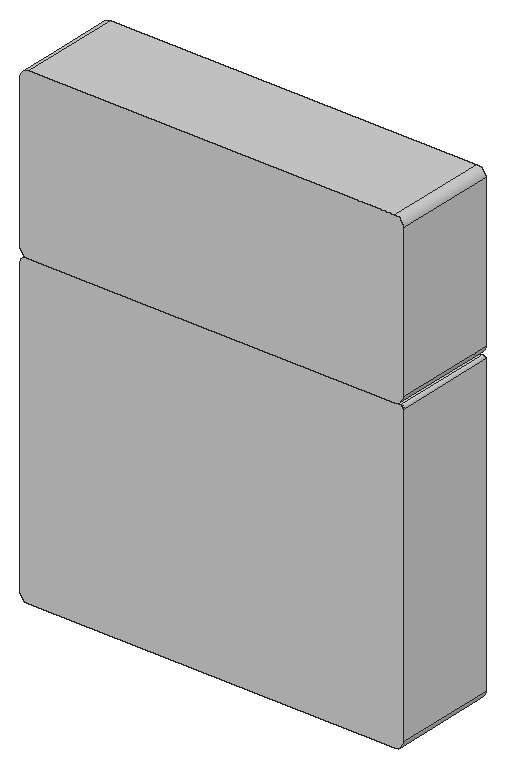
Revit family "Building-IEC309Boards-GEWISS-68QDIN-DISTRIBUTION-BOARD-20MOD_4SOCKET-OUTLETS_IB_VERT_4SOCKET-OUTLETS", category Attrezzatura elettrica, host Muro, Revit 2016 (continued)
Definition of nested family "2D - QDIN20 QUADRO DISTRIB X4+4 PRESE IND"
  Lines and regions (mm)
    model lines, in view "Livello rif."
      curve 534: line (-21.537, 21.916, 0) -> (-20.238, 21.568, 0)
      curve 535: line (-20.238, 21.568, 0) -> (-19.288, 20.618, 0)
      curve 536: line (-19.288, 20.618, 0) -> (-18.94, 19.319, 0)
      curve 537: line (-18.94, 19.319, 0) -> (-19.288, 18.021, 0)
      curve 538: line (-19.288, 18.021, 0) -> (-20.238, 17.071, 0)
      curve 539: line (-20.238, 17.071, 0) -> (-21.537, 16.723, 0)
      curve 540: line (21.537, 92.545, 0) -> (22.835, 92.197, 0)
      curve 541: line (22.835, 92.197, 0) -> (23.785, 91.247, 0)
      curve 542: line (23.785, 91.247, 0) -> (24.133, 89.948, 0)
      curve 543: line (24.133, 89.948, 0) -> (23.785, 88.65, 0)
      curve 544: line (23.785, 88.65, 0) -> (22.835, 87.7, 0)
      curve 545: line (22.835, 87.7, 0) -> (21.537, 87.352, 0)
      curve 546: line (21.537, 87.352, 0) -> (20.238, 87.7, 0)
      curve 547: line (20.238, 87.7, 0) -> (19.288, 88.65, 0)
      curve 548: line (19.288, 88.65, 0) -> (18.94, 89.948, 0)
      curve 549: line (18.94, 89.948, 0) -> (19.288, 91.247, 0)
      curve 550: line (19.288, 91.247, 0) -> (20.238, 92.197, 0)
      curve 551: line (20.238, 92.197, 0) -> (21.537, 92.545, 0)
      curve 552: line (89.425, 19.319, 0) -> (89.425, 89.948, 0)
      curve 553: line (89.425, 89.948, 0) -> (88.909, 92.611, 0)
      curve 554: line (88.909, 92.611, 0) -> (87.339, 94.985, 0)
      curve 555: line (87.339, 94.985, 0) -> (85.181, 96.464, 0)
      curve 556: line (85.181, 96.464, 0) -> (82.302, 97.072, 0)
      curve 557: line (82.302, 97.072, 0) -> (21.537, 97.072, 0)
      curve 558: line (21.537, 97.072, 0) -> (18.658, 96.464, 0)
      curve 559: line (18.658, 96.464, 0) -> (16.5, 94.985, 0)
      curve 560: line (16.5, 94.985, 0) -> (14.93, 92.611, 0)
      curve 561: line (14.93, 92.611, 0) -> (14.413, 89.948, 0)
      curve 562: line (14.413, 89.948, 0) -> (14.413, 19.319, 0)
      curve 563: line (14.413, 19.319, 0) -> (14.93, 16.657, 0)
      curve 564: line (14.93, 16.657, 0) -> (16.5, 14.283, 0)
      curve 565: line (16.5, 14.283, 0) -> (18.658, 12.804, 0)
      curve 566: line (18.658, 12.804, 0) -> (21.537, 12.196, 0)
      curve 567: line (21.537, 12.196, 0) -> (82.302, 12.196, 0)
      curve 568: line (82.302, 12.196, 0) -> (85.181, 12.804, 0)
      curve 569: line (85.181, 12.804, 0) -> (87.339, 14.283, 0)
      curve 570: line (87.339, 14.283, 0) -> (88.909, 16.657, 0)
      curve 571: line (88.909, 16.657, 0) -> (89.425, 19.319, 0)
      curve 572: line (21.537, 16.723, 0) -> (22.835, 17.071, 0)
      curve 573: line (22.835, 17.071, 0) -> (23.785, 18.021, 0)
      curve 574: line (23.785, 18.021, 0) -> (24.133, 19.319, 0)
      curve 575: line (24.133, 19.319, 0) -> (23.785, 20.618, 0)
      curve 576: line (23.785, 20.618, 0) -> (22.835, 21.568, 0)
      curve 577: line (22.835, 21.568, 0) -> (21.537, 21.916, 0)
      curve 578: line (21.537, 21.916, 0) -> (20.238, 21.568, 0)
      curve 579: line (20.238, 21.568, 0) -> (19.288, 20.618, 0)
      curve 580: line (19.288, 20.618, 0) -> (18.94, 19.319, 0)
      curve 581: line (18.94, 19.319, 0) -> (19.288, 18.021, 0)
      curve 582: line (19.288, 18.021, 0) -> (20.238, 17.071, 0)
      curve 583: line (20.238, 17.071, 0) -> (21.537, 16.723, 0)
      curve 584: line (82.302, 92.545, 0) -> (81.004, 92.197, 0)
      curve 585: line (81.004, 92.197, 0) -> (80.054, 91.247, 0)
      curve 586: line (80.054, 91.247, 0) -> (79.706, 89.948, 0)
      curve 587: line (79.706, 89.948, 0) -> (80.054, 88.65, 0)
      curve 588: line (80.054, 88.65, 0) -> (81.004, 87.7, 0)
      curve 589: line (81.004, 87.7, 0) -> (82.302, 87.352, 0)
      curve 590: line (82.302, 87.352, 0) -> (83.6, 87.7, 0)
      curve 591: line (83.6, 87.7, 0) -> (84.551, 88.65, 0)
      curve 592: line (84.551, 88.65, 0) -> (84.899, 89.948, 0)
      curve 593: line (84.899, 89.948, 0) -> (84.551, 91.247, 0)
      curve 594: line (84.551, 91.247, 0) -> (83.6, 92.197, 0)
      curve 595: line (83.6, 92.197, 0) -> (82.302, 92.545, 0)
      curve 596: line (82.302, 16.723, 0) -> (81.004, 17.071, 0)
      curve 597: line (81.004, 17.071, 0) -> (80.054, 18.021, 0)
      curve 598: line (80.054, 18.021, 0) -> (79.706, 19.319, 0)
      curve 599: line (79.706, 19.319, 0) -> (80.054, 20.618, 0)
      curve 600: line (80.054, 20.618, 0) -> (81.004, 21.568, 0)
      curve 601: line (81.004, 21.568, 0) -> (82.302, 21.916, 0)
      curve 602: line (82.302, 21.916, 0) -> (83.6, 21.568, 0)
      curve 603: line (83.6, 21.568, 0) -> (84.551, 20.618, 0)
      curve 604: line (84.551, 20.618, 0) -> (84.899, 19.319, 0)
      curve 605: line (84.899, 19.319, 0) -> (84.551, 18.021, 0)
      curve 606: line (84.551, 18.021, 0) -> (83.6, 17.071, 0)
      curve 607: line (83.6, 17.071, 0) -> (82.302, 16.723, 0)
      curve 608: line (127.097, 92.545, 0) -> (128.396, 92.197, 0)
      curve 609: line (128.396, 92.197, 0) -> (129.346, 91.247, 0)
      curve 610: line (129.346, 91.247, 0) -> (129.694, 89.948, 0)
      curve 611: line (129.694, 89.948, 0) -> (129.346, 88.65, 0)
      curve 612: line (129.346, 88.65, 0) -> (128.396, 87.7, 0)
      curve 613: line (128.396, 87.7, 0) -> (127.097, 87.352, 0)
      curve 614: line (127.097, 87.352, 0) -> (125.799, 87.7, 0)
      curve 615: line (125.799, 87.7, 0) -> (124.849, 88.65, 0)
      curve 616: line (124.849, 88.65, 0) -> (124.501, 89.948, 0)
      curve 617: line (124.501, 89.948, 0) -> (124.849, 91.247, 0)
      curve 618: line (124.849, 91.247, 0) -> (125.799, 92.197, 0)
      curve 619: line (125.799, 92.197, 0) -> (127.097, 92.545, 0)
      curve 620: line (194.986, 19.319, 0) -> (194.986, 89.948, 0)
      curve 621: line (194.986, 89.948, 0) -> (194.47, 92.611, 0)
      curve 622: line (194.47, 92.611, 0) -> (192.9, 94.985, 0)
      curve 623: line (192.9, 94.985, 0) -> (190.742, 96.464, 0)
      curve 624: line (190.742, 96.464, 0) -> (187.863, 97.072, 0)
      curve 625: line (187.863, 97.072, 0) -> (127.097, 97.072, 0)
      curve 626: line (127.097, 97.072, 0) -> (124.218, 96.464, 0)
      curve 627: line (124.218, 96.464, 0) -> (122.061, 94.985, 0)
      curve 628: line (122.061, 94.985, 0) -> (120.491, 92.611, 0)
      curve 629: line (120.491, 92.611, 0) -> (119.974, 89.948, 0)
      curve 630: line (119.974, 89.948, 0) -> (119.974, 19.319, 0)
      curve 631: line (119.974, 19.319, 0) -> (120.491, 16.657, 0)
      curve 632: line (120.491, 16.657, 0) -> (122.061, 14.283, 0)
      curve 633: line (122.061, 14.283, 0) -> (124.218, 12.804, 0)
      curve 634: line (124.218, 12.804, 0) -> (127.097, 12.196, 0)
      curve 635: line (127.097, 12.196, 0) -> (187.863, 12.196, 0)
      curve 636: line (187.863, 12.196, 0) -> (190.742, 12.804, 0)
      curve 637: line (190.742, 12.804, 0) -> (192.9, 14.283, 0)
      curve 638: line (192.9, 14.283, 0) -> (194.47, 16.657, 0)
      curve 639: line (194.47, 16.657, 0) -> (194.986, 19.319, 0)
      curve 640: line (127.097, 16.723, 0) -> (128.396, 17.071, 0)
      curve 641: line (128.396, 17.071, 0) -> (129.346, 18.021, 0)
      curve 642: line (129.346, 18.021, 0) -> (129.694, 19.319, 0)
      curve 643: line (129.694, 19.319, 0) -> (129.346, 20.618, 0)
      curve 644: line (129.346, 20.618, 0) -> (128.396, 21.568, 0)
      curve 645: line (128.396, 21.568, 0) -> (127.097, 21.916, 0)
      curve 646: line (127.097, 21.916, 0) -> (125.799, 21.568, 0)
      curve 647: line (125.799, 21.568, 0) -> (124.849, 20.618, 0)
      curve 648: line (124.849, 20.618, 0) -> (124.501, 19.319, 0)
      curve 649: line (124.501, 19.319, 0) -> (124.849, 18.021, 0)
      curve 650: line (124.849, 18.021, 0) -> (125.799, 17.071, 0)
      curve 651: line (125.799, 17.071, 0) -> (127.097, 16.723, 0)
      curve 652: line (187.863, 92.545, 0) -> (186.565, 92.197, 0)
      curve 653: line (186.565, 92.197, 0) -> (185.615, 91.247, 0)
      curve 654: line (185.615, 91.247, 0) -> (185.267, 89.948, 0)
      curve 655: line (185.267, 89.948, 0) -> (185.615, 88.65, 0)
      curve 656: line (185.615, 88.65, 0) -> (186.565, 87.7, 0)
      curve 657: line (186.565, 87.7, 0) -> (187.863, 87.352, 0)
      curve 658: line (187.863, 87.352, 0) -> (189.161, 87.7, 0)
      curve 659: line (189.161, 87.7, 0) -> (190.112, 88.65, 0)
      curve 660: line (190.112, 88.65, 0) -> (190.459, 89.948, 0)
      curve 661: line (190.459, 89.948, 0) -> (190.112, 91.247, 0)
      curve 662: line (190.112, 91.247, 0) -> (189.161, 92.197, 0)
      curve 663: line (189.161, 92.197, 0) -> (187.863, 92.545, 0)
      curve 664: line (187.863, 16.723, 0) -> (186.565, 17.071, 0)
      curve 665: line (186.565, 17.071, 0) -> (185.615, 18.021, 0)
      curve 666: line (185.615, 18.021, 0) -> (185.267, 19.319, 0)
      curve 667: line (185.267, 19.319, 0) -> (185.615, 20.618, 0)
      curve 668: line (185.615, 20.618, 0) -> (186.565, 21.568, 0)
      curve 669: line (186.565, 21.568, 0) -> (187.863, 21.916, 0)
      curve 670: line (187.863, 21.916, 0) -> (189.161, 21.568, 0)
      curve 671: line (189.161, 21.568, 0) -> (190.112, 20.618, 0)
      curve 672: line (190.112, 20.618, 0) -> (190.459, 19.319, 0)
      curve 673: line (190.459, 19.319, 0) -> (190.112, 18.021, 0)
      curve 674: line (190.112, 18.021, 0) -> (189.161, 17.071, 0)
      curve 675: line (189.161, 17.071, 0) -> (187.863, 16.723, 0)
